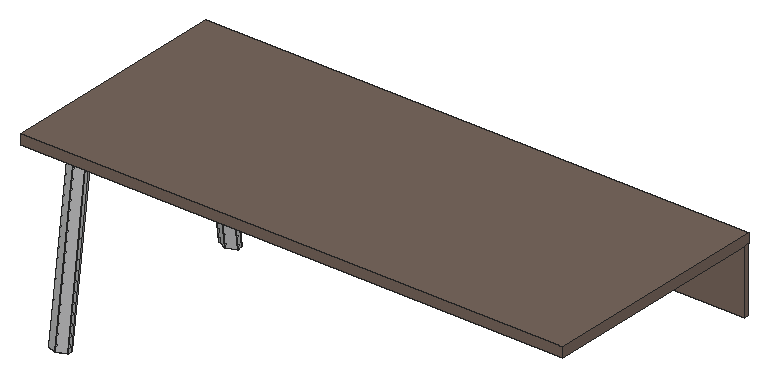
Revit family "Runoff-Teknion-CRHL_Runoff_Leg_Flush_to_Credenza-R2021", category Furniture, Revit 2021 (continued)
Dimensions and locks (in)
  aligned and locked: curve 64 to cut or joined group of Sweep 12, Sweep 13
  aligned and locked: curve 65 to cut or joined group of Sweep 12, Sweep 13
  aligned and locked: curve 66 to cut or joined group of Sweep 12, Sweep 13
  aligned and locked: curve 67 to cut or joined group of Sweep 12, Sweep 13
  aligned and locked: curve 68 to cut or joined group of Sweep 12, Sweep 13
  aligned and locked: curve 69 to cut or joined group of Sweep 6, Sweep 7
  aligned and locked: curve 71 to cut or joined group of Sweep 6, Sweep 7
  aligned and locked: curve 72 to cut or joined group of Sweep 6, Sweep 7
  aligned and locked: curve 160 to Sweep 9
  aligned and locked: curve 161 to Sweep 9
  aligned and locked: curve 162 to Sweep 9
  aligned and locked: curve 164 to Sweep 9
  aligned and locked: curve 163 to Sweep 9
  aligned and locked: Sweep 2 to curve 171
  aligned and locked: curve 170 to Sweep 9
  aligned and locked: curve 174 to Sweep 2
  aligned and locked: curve 173 to Sweep 9
  aligned and locked: curve 172 to Sweep 9
  aligned and locked: curve 19 to Sweep 2
  aligned and locked: curve 15 to Sweep 2
  aligned and locked: curve 21 to Sweep 2
  aligned and locked: curve 17 to Sweep 2
  aligned and locked: curve 16 to Sweep 2
  aligned and locked: curve 5 to Sweep 2
  aligned and locked: curve 6 to Sweep 2
  aligned and locked: Sweep 2 to curve 9
  aligned and locked: curve 8 to Sweep 2
  aligned and locked: curve 7 to Sweep 2
  aligned and locked: curve 77 to curve 99
  aligned and locked: curve 77 to cut or joined group of Sweep 3, Sweep 5
  aligned and locked: curve 95 to curve 76
  aligned and locked: curve 76 to cut or joined group of Sweep 3, Sweep 5
  aligned and locked: curve 73 to cut or joined group of Sweep 3, Sweep 5
  aligned and locked: curve 74 to cut or joined group of Sweep 3, Sweep 5
  aligned and locked: curve 107 to cut or joined group of Sweep 5, Sweep 10
  aligned and locked: curve 110 to cut or joined group of Sweep 5, Sweep 10
  aligned and locked: curve 79 to cut or joined group of Sweep 3, Sweep 5
  aligned and locked: curve 78 to cut or joined group of Sweep 3, Sweep 5
  aligned and locked: curve 104 to cut or joined group of Sweep 5, Sweep 10
  aligned and locked: curve 105 to cut or joined group of Sweep 5, Sweep 10
  aligned and locked: curve 83 to cut or joined group of Sweep 3, Sweep 5
  aligned and locked: curve 84 to cut or joined group of Sweep 3, Sweep 5
  aligned and locked: curve 97 to cut or joined group of Sweep 5, Sweep 10
  aligned and locked: curve 96 to cut or joined group of Sweep 5, Sweep 10
  aligned and locked: curve 85 to cut or joined group of Sweep 3, Sweep 5
  aligned and locked: curve 86 to cut or joined group of Sweep 3, Sweep 5
  aligned and locked: curve 93 to cut or joined group of Sweep 5, Sweep 10
  aligned and locked: curve 92 to cut or joined group of Sweep 5, Sweep 10
  aligned and locked: curve 150 to cut or joined group of Sweep 5, Sweep 11
  aligned and locked: curve 151 to cut or joined group of Sweep 5, Sweep 11
  aligned and locked: curve 118 to cut or joined group of Sweep 4, Sweep 5
  aligned and locked: curve 117 to cut or joined group of Sweep 4, Sweep 5
  aligned and locked: curve 148 to cut or joined group of Sweep 5, Sweep 11
  aligned and locked: curve 149 to cut or joined group of Sweep 5, Sweep 11
  aligned and locked: curve 122 to cut or joined group of Sweep 4, Sweep 5
  aligned and locked: curve 121 to cut or joined group of Sweep 4, Sweep 5
  aligned and locked: curve 139 to cut or joined group of Sweep 5, Sweep 11
  aligned and locked: curve 138 to cut or joined group of Sweep 5, Sweep 11
  aligned and locked: curve 128 to cut or joined group of Sweep 4, Sweep 5
  aligned and locked: curve 127 to cut or joined group of Sweep 4, Sweep 5
  aligned and locked: curve 136 to cut or joined group of Sweep 5, Sweep 11
  aligned and locked: curve 137 to cut or joined group of Sweep 5, Sweep 11
  aligned and locked: curve 130 to cut or joined group of Sweep 4, Sweep 5
  aligned and locked: curve 129 to cut or joined group of Sweep 4, Sweep 5
  aligned and locked: plane 4 "Left" to nested 1
  aligned and locked: nested 1 to plane 6 "Back"
  aligned and locked: nested 2 to plane 4 "Left"
  aligned and locked: nested 2 to plane 7 "Front"
  aligned and locked: plane 7 "Front" to nested 4
  aligned and locked: nested 4 to plane 5 "Right"
  aligned and locked: nested 5 to plane 6 "Back"
  aligned and locked: nested 5 to plane 5 "Right"
  aligned and locked: plane 1 "Center Front/Back" to nested 3
  aligned and locked: plane 3 "Center Left/Right" to nested 3
  aligned and locked: plane 3 "Center Left/Right" to nested 6
Automatic sketch dimensions
  Sweep 3 sketch curve to profile plane = 0.000"  (x2)
  Sweep 3 sketch curve to profile plane = 0.18462"
  Sweep 3 sketch curve to profile plane = 0.56731"  (x2)
  Sweep 3 sketch curve to Sweep 3 sketch curve = 0.09231"  (x4)
  Sweep 3 sketch curve to Sweep 3 sketch curve = 0.61667"  (x2)
  Sweep 3 sketch curve to Sweep 3 sketch curve = 0.475"
  Sweep 3 sketch curve to Sweep 3 sketch curve = 0.18462"
  Sweep 3 sketch curve to Sweep 3 sketch curve = 0.000"  (x2)
  Sweep 3 sketch curve to Sweep 3 sketch curve = 0.06154"  (x2)
  Sweep 3 sketch curve to Sweep 3 sketch curve = 0.03846"
  Sweep 4 sketch curve to profile plane = 0.000"  (x2)
  profile plane to Sweep 4 sketch curve = 0.18462"
  profile plane to Sweep 4 sketch curve = 0.56731"
  Sweep 4 sketch curve to Sweep 4 sketch curve = 0.09231"  (x3)
  profile plane to Sweep 4 sketch curve = 0.65962"
  Sweep 4 sketch curve to Sweep 4 sketch curve = 0.61667"  (x2)
  Sweep 4 sketch curve to Sweep 4 sketch curve = 0.475"
  Sweep 4 sketch curve to Sweep 4 sketch curve = 0.18462"
  Sweep 4 sketch curve to Sweep 4 sketch curve = 0.000"  (x2)
  Sweep 4 sketch curve to Sweep 4 sketch curve = 0.06154"  (x2)
  Sweep 4 sketch curve to Sweep 4 sketch curve = 1.36154"
  Sweep 4 sketch curve to Sweep 4 sketch curve = 0.07692"  (x2)
  Sweep 4 sketch curve to Sweep 4 sketch curve = 1.32308"
  Sweep 4 sketch curve to Sweep 4 sketch curve = 0.03846"  (x2)
  Sweep 10 sketch curve to profile plane = 0.000"  (x2)
  Sweep 10 sketch curve to profile plane = 0.18462"
  Sweep 10 sketch curve to profile plane = 0.56731"  (x2)
  Sweep 10 sketch curve to Sweep 10 sketch curve = 0.09231"  (x3)
  Sweep 10 sketch curve to Sweep 10 sketch curve = 0.61667"  (x2)
  Sweep 10 sketch curve to Sweep 10 sketch curve = 0.475"
  Sweep 10 sketch curve to Sweep 10 sketch curve = 0.18462"
  Sweep 10 sketch curve to Sweep 10 sketch curve = 0.000"  (x2)
  Sweep 10 sketch curve to Sweep 10 sketch curve = 0.06154"  (x2)
  Sweep 10 sketch curve to Sweep 10 sketch curve = 0.03846"  (x2)
  Sweep 11 sketch curve to profile plane = 0.000"  (x2)
  Sweep 11 sketch curve to profile plane = 0.18462"
  Sweep 11 sketch curve to profile plane = 0.56731"
  Sweep 11 sketch curve to Sweep 11 sketch curve = 0.09231"  (x3)
  Sweep 11 sketch curve to profile plane = 0.65962"
  Sweep 11 sketch curve to Sweep 11 sketch curve = 0.61667"  (x2)
  Sweep 11 sketch curve to Sweep 11 sketch curve = 0.475"
  Sweep 11 sketch curve to Sweep 11 sketch curve = 0.18462"
  Sweep 11 sketch curve to Sweep 11 sketch curve = 0.000"  (x2)
  Sweep 11 sketch curve to Sweep 11 sketch curve = 0.06154"  (x2)
  Sweep 11 sketch curve to Sweep 11 sketch curve = 0.03846"  (x2)
  Sweep 2 sketch curve to Sweep 2 sketch curve = 0.22956"  (x2)
  Sweep 2 sketch curve to Sweep 2 sketch curve = 0.375"  (x6)
  Sweep 2 sketch curve to Sweep 2 sketch curve = 0.14544"  (x4)
  Sweep 2 sketch curve to Sweep 2 sketch curve = 0.34565"  (x2)
  Sweep 5 sketch curve to plane 3 "Center Left/Right" = 0.000"
  Sweep 5 sketch curve to level = 0.730"
  Sweep 9 sketch curve to Sweep 9 sketch curve = 0.34565"  (x6)
  Sweep 9 sketch curve to Sweep 9 sketch curve = 0.375"  (x4)
  profile plane to SweptBlend 16 sketch curve = 0.000"  (x4)
  curve 161 to curve 16 = 0.22956"
  curve 164 to plane 7 "Front" = 1.96192"
  curve 171 to curve 7 = 0.22956"
  curve 172 to plane 6 "Back" = 1.96192"
  curve 171 to curve 177 = 0.375"
  curve 171 to curve 170 = 0.375"
  curve 6 to curve 5 = 0.375"
  curve 161 to curve 165 = 0.375"
  curve 14 to curve 14 = 0.14544"
  curve 164 to curve 20 = 0.14544"
  curve 161 to curve 160 = 0.375"
  curve 16 to curve 24 = 0.14544"
  curve 123 to curve 150 = 0.06009"
  curve 88 to curve 96 = 0.06009"
  curve 95 to curve 92 = 0.06009"
  curve 157 to curve 148 = 0.06009"
  curve 127 to plane 6 "Back" = 1.89455"
  curve 78 to plane 7 "Front" = 1.89455"
  curve 129 to plane 6 "Back" = 1.08661"
  curve 123 to curve 129 = 0.06009"
  curve 104 to plane 7 "Front" = 2.30448"
  curve 107 to plane 7 "Front" = 1.511"
  curve 89 to curve 83 = 0.06154"
  curve 88 to curve 85 = 0.06154"
  curve 73 to plane 7 "Front" = 1.08601"
  curve 123 to curve 117 = 0.06154"
  curve 136 to plane 6 "Back" = 1.511"
  curve 139 to plane 6 "Back" = 2.30448"
  curve 125 to curve 122 = 0.06154"
  curve 117 to curve 157 = 0.03795"
  curve 114 to curve 114 = 0.03899"
  curve 78 to curve 80 = 0.04092"
  curve 96 to curve 101 = 0.04092"
  curve 155 to curve 155 = 0.04092"
  curve 102 to curve 102 = 0.04092"
  curve 153 to curve 153 = 0.04092"
  curve 132 to curve 132 = 0.04092"
  curve 133 to curve 133 = 0.04092"
  curve 164 to plane 7 "Front" = 0.75223"
  curve 16 to curve 65 = 0.14544"
  curve 7 to curve 61 = 0.14544"
  curve 136 to plane 6 "Back" = 0.94921"
  curve 122 to plane 6 "Back" = 4.33668"
  curve 148 to plane 6 "Back" = 4.77276"
  curve 73 to plane 7 "Front" = 0.51312"
  curve 139 to plane 6 "Back" = 2.86627"
  curve 104 to plane 7 "Front" = 2.86627"
  curve 85 to curve 65 = 0.07693"
  curve 83 to plane 7 "Front" = 4.33668"
  curve 117 to curve 61 = 0.07693"
  curve 107 to plane 7 "Front" = 0.94921"
  curve 129 to plane 6 "Back" = 0.51312"
  curve 172 to curve 129 = 0.06851"
  curve 127 to plane 6 "Back" = 2.46805"
  curve 98 to curve 65 = 0.000"
  curve 13 to curve 152 = 0.14544"
  curve 81 to curve 69 = 0.000"
  curve 18 to curve 94 = 0.14544"
  curve 110 to plane 7 "Front" = 0.94921"
  curve 128 to plane 6 "Back" = 2.46805"
  curve 65 to curve 86 = 0.07692"
  curve 130 to plane 6 "Back" = 0.51312"
  curve 84 to plane 7 "Front" = 4.33668"
  curve 74 to plane 7 "Front" = 0.51312"
  curve 137 to plane 6 "Back" = 0.94921"
  curve 138 to plane 6 "Back" = 2.86627"
  curve 121 to plane 6 "Back" = 4.33668"
  curve 149 to plane 6 "Back" = 4.77276"
  curve 105 to plane 7 "Front" = 2.86627"
  curve 61 to curve 118 = 0.07692"
  curve 173 to plane 6 "Back" = 0.75223"
  curve 94 to curve 17 = 0.14544"
  curve 163 to plane 7 "Front" = 0.75223"
  curve 152 to curve 8 = 0.14544"
  curve 82 to curve 111 = 0.10101"
  curve 176 to curve 135 = 1.25355"
  curve 53 to curve 154 = 1.09899"
  curve 134 to curve 135 = 0.000"
  curve 103 to curve 99 = 0.10101"
  curve 100 to curve 91 = 0.10101"
  curve 115 to curve 115 = 0.10053"
  curve 154 to curve 158 = 0.00153"
  curve 138 to plane 6 "Back" = 2.30448"
  curve 86 to plane 7 "Front" = 5.69195"
  curve 74 to plane 7 "Front" = 1.08601"
  curve 110 to plane 7 "Front" = 1.511"
  curve 105 to plane 7 "Front" = 2.30448"
  curve 121 to plane 6 "Back" = 4.89846"
  curve 84 to plane 7 "Front" = 4.89846"
  curve 118 to plane 6 "Back" = 5.69195"
  curve 137 to plane 6 "Back" = 1.511"
  curve 149 to plane 6 "Back" = 5.34565"
  curve 79 to plane 7 "Front" = 1.89455"
  curve 93 to plane 7 "Front" = 6.15419"
  curve 97 to plane 7 "Front" = 5.34625"
  curve 151 to plane 6 "Back" = 6.15419"
  curve 130 to plane 6 "Back" = 1.08661"
  curve 128 to plane 6 "Back" = 1.89455"
  curve 158 to curve 120 = 0.09948"
  curve 170 to curve 174 = 0.375"
  curve 160 to curve 162 = 0.375"
  curve 5 to curve 9 = 0.375"
  curve 23 to curve 21 = 0.375"
  curve 175 to curve 174 = 0.375"
  curve 22 to curve 22 = 0.375"
  curve 167 to curve 167 = 0.375"
  curve 12 to curve 12 = 0.375"
  curve 163 to plane 7 "Front" = 1.96192"
  curve 17 to plane 7 "Front" = 5.27889"
  curve 8 to plane 6 "Back" = 5.27889"
  curve 173 to plane 6 "Back" = 1.96192"
  curve 69 to curve 166 = 0.00766"
  curve 74 to curve 115 = 0.09266"
  curve 114 to curve 114 = 0.09266"
  curve 80 to curve 78 = 0.09234"
  curve 82 to curve 79 = 0.09234"
  curve 69 to curve 81 = 0.39441"
  curve 116 to curve 116 = 0.18643"
  curve 98 to curve 65 = 0.39454"
  curve 100 to curve 100 = 0.09234"
  curve 96 to curve 101 = 0.09234"
  curve 77 to curve 91 = 0.09141"
  curve 76 to curve 88 = 0.09141"
  curve 103 to curve 93 = 0.09234"
  curve 102 to curve 102 = 0.09234"
  curve 18 to curve 65 = 0.00779"
  curve 18 to curve 94 = 0.05642"
  curve 152 to curve 13 = 0.05642"
  curve 61 to curve 13 = 0.00779"
  curve 154 to curve 154 = 0.09234"
  curve 153 to curve 153 = 0.09234"
  curve 158 to curve 120 = 0.09141"
  curve 157 to curve 123 = 0.09141"
  curve 155 to curve 155 = 0.09234"
  curve 156 to curve 148 = 0.18282"
  curve 128 to curve 159 = 0.18282"
  curve 134 to curve 134 = 0.09234"
  curve 133 to curve 133 = 0.09234"
  curve 132 to curve 132 = 0.09234"
  curve 135 to curve 130 = 0.09234"
  curve 176 to curve 57 = 0.00766"
  curve 147 to curve 153 = 0.10101"
  curve 147 to curve 153 = 0.00002"
  curve 95 to curve 102 = 0.00002"
  curve 101 to curve 101 = 0.101"
  curve 155 to curve 155 = 0.101"
  curve 80 to curve 80 = 0.101"
  curve 133 to curve 133 = 0.101"
  curve 123 to curve 132 = 0.00002"
  curve 141 to curve 141 = 0.03846"
  curve 122 to curve 125 = 0.03846"
  curve 107 to curve 108 = 0.03846"
  curve 104 to curve 113 = 0.03846"
  curve 140 to curve 140 = 0.03846"
  curve 88 to curve 88 = 0.03846"
  curve 83 to curve 89 = 0.03846"
  curve 87 to curve 87 = 0.200"
  curve 75 to curve 166 = 0.05456"
  curve 92 to curve 94 = 0.07692"
  curve 96 to plane 7 "Front" = 4.77276"
  curve 150 to curve 152 = 0.07692"
  curve 78 to plane 7 "Front" = 2.46805"
  curve 96 to curve 98 = 0.000"  (x2)
  curve 78 to curve 81 = 0.000"
  curve 150 to curve 152 = 0.000"  (x2)
  curve 92 to curve 94 = 0.000"
  curve 81 to curve 81 = 0.15385"
  curve 98 to curve 98 = 0.15385"
  curve 94 to curve 94 = 0.15385"
  curve 152 to curve 152 = 0.15385"
  curve 152 to curve 151 = 0.000"
  curve 97 to plane 7 "Front" = 4.77276"
  curve 94 to curve 93 = 0.000"  (x2)
  curve 79 to plane 7 "Front" = 2.46805"
  curve 119 to curve 119 = 0.200"
  curve 106 to curve 106 = 0.200"
  curve 173 to curve 131 = 0.05456"
  curve 124 to curve 124 = 0.200"
  curve 143 to curve 143 = 0.200"
  curve 142 to curve 142 = 0.200"
  curve 109 to curve 109 = 0.200"
  curve 90 to curve 84 = 0.13846"
  curve 91 to curve 91 = 0.13846"
  curve 112 to curve 112 = 0.03846"
  curve 145 to curve 145 = 0.03846"
  curve 126 to curve 126 = 0.03846"
  curve 144 to curve 138 = 0.03846"
  curve 111 to curve 111 = 0.03846"
  curve 180 to curve 180 = 0.03846"
  curve 134 to curve 134 = 0.101"
  curve 135 to curve 120 = 0.00002"
  curve 154 to curve 154 = 0.101"
  curve 100 to curve 100 = 0.101"
  curve 82 to curve 82 = 0.101"
  curve 103 to curve 99 = 0.00002"
  curve 146 to curve 145 = 0.000"  (x2)
  curve 75 to curve 166 = 0.05629"
  curve 166 to curve 109 = 0.03415"
  curve 107 to curve 108 = 0.09141"
  curve 111 to curve 111 = 0.09141"
  curve 95 to curve 108 = 0.000"
  curve 99 to curve 111 = 0.000"
  curve 112 to curve 105 = 0.09141"
  curve 113 to curve 113 = 0.09141"
  curve 81 to curve 78 = 0.000"
  curve 106 to curve 105 = 0.18282"
  curve 89 to curve 89 = 0.09141"
  curve 84 to curve 90 = 0.09141"
  curve 95 to curve 102 = 0.000"
  curve 99 to curve 103 = 0.000"
  curve 87 to curve 18 = 0.07201"
  curve 13 to curve 119 = 0.07201"
  curve 153 to curve 147 = 0.000"
  curve 154 to curve 146 = 0.000"
  curve 180 to curve 149 = 0.09141"
  curve 125 to curve 125 = 0.09141"
  curve 126 to curve 126 = 0.09141"
  curve 124 to curve 124 = 0.18282"
  curve 138 to curve 142 = 0.18282"
  curve 138 to curve 144 = 0.09141"
  curve 141 to curve 141 = 0.09141"
  curve 145 to curve 137 = 0.09141"
  curve 140 to curve 140 = 0.09141"
  curve 147 to curve 140 = 0.000"
  curve 120 to curve 135 = 0.000"
  curve 123 to curve 132 = 0.000"
  curve 143 to curve 176 = 0.03415"
  curve 173 to curve 131 = 0.05629"
  radius of Sweep 6 sketch curve = 0.12487"  (x2)
  radius of Sweep 7 sketch curve = 0.40037"  (x2)
  radius of Sweep 12 sketch curve = 0.12487"  (x2)
  radius of Sweep 13 sketch curve = 0.40037"  (x2)
  radius of Sweep 18 sketch curve = 0.197"
  radius of Sweep 19 sketch curve = 0.500"
Nested families (in)
  nested 1: "Teknion_2D_Node_Family-R2016" at (3708, -3732, 0), type "Teknion_2D_Node_Family-R2016"
  nested 2: "Teknion_2D_Node_Family-R2016" at (3708, -3768, 0), type "Teknion_2D_Node_Family-R2016"
  nested 3: "Teknion_2D_Node_Family-R2016" at (3750, -3750, 0), type "Teknion_2D_Node_Family-R2016"
  nested 4: "Teknion_2D_Node_Family-R2016" at (3792, -3768, 0), type "Teknion_2D_Node_Family-R2016"
  nested 5: "Teknion_2D_Node_Family-R2016" at (3792, -3732, 0), type "Teknion_2D_Node_Family-R2016"
  nested 6: "Teknion_2D_Node_Family-R2016" at (3750, -3735.875, 0), type "Teknion_2D_Node_Family-R2016"
Definition of nested family "Teknion_2D_Node_Family-R2016"
  Reference planes (in)
    plane 1 "Center (Front/Back)": y = 0
    plane 2: z = 0
    plane 3 "Center (Left/Right)": x = 0
  Lines and regions (in)
    detail lines, in view "Ref. Level"
      curve 1: circle (0, 0, 0) r 1.25 normal (0, 0, 1)
      curve 2: line (1.91508, -1.91508, 0) -> (-1.91508, 1.91508, 0)
      curve 3: line (-1.91508, -1.91508, 0) -> (1.91508, 1.91508, 0)
Types (10): name | Width | U-Leg | Top Finish | Post Leg | Modesty Position | Modesty Finish | Modesty | Model | Leg Finish | Leg Connection Finish | Description | Depth | Available Width | Available Depth | Angled Leg
  (no name) | 84.000" | no | Veneer-Teknion-UN-Natural_Veneer_V2-Walnut_On_Cherry | no | 0.000" | Veneer-Teknion-UN-Natural_Veneer_V2-Walnut_On_Cherry | yes | "CRHL__B_A" | Paint-Mica-Teknion-60-Satin_Platinum | Paint - Teknion - Foundation - 26 - Soft Gris | "Chronicle Runoff, Leg, Flush to Credenza, Partial Height Modesty, Flush Position, Angled Leg Style" | 36.000" | "60,66,72,78,84 inches" | "24,30,36 Inches" | yes
  Partial Height Modesty, Inset Position, U-Leg Style | 54.000" | yes | Wood - Teknion - DZ - Truffle | no | 4.000" | Wood - Teknion - DZ - Truffle | yes | "CRHL__A_U" | Wood - Teknion - DZ - Truffle | Paint - Teknion - Foundation - 26 - Soft Gris | "Chronicle Runoff, Leg, Flush to Credenza, Partial Height Modesty, Inset Position, U-Leg Style" | 30.000" | "54,60,66,72,78,84 inches" | "30,36 Inches" | no
  Partial Height Modesty, Flush Position, U-Leg Style | 84.000" | yes | Veneer-Teknion-UK-Natural_Veneer_V2-Medium_Dark_Cherry | no | 0.000" | Veneer-Teknion-UK-Natural_Veneer_V2-Medium_Dark_Cherry | yes | "CRHL__B_U" | Paint-Teknion-85-Y-Foundation-Clay | Paint-Teknion-20-T-Foundation-Atrium White | "Chronicle Runoff, Leg, Flush to Credenza, Partial Height Modesty, Flush Position, U-Leg Style" | 36.000" | "60,66,72,78,84 inches" | "24,30,36 Inches" | no
  Partial Height Modesty, Inset Position, Post Leg Style | 72.000" | no | Veneer - Teknion - MP - Natural Maple | yes | 4.000" | Veneer - Teknion - DV - Sierra | yes | "CRHL__A_P" | Veneer - Teknion - MP - Natural Maple | Paint - Teknion - 52 - Ebony | "Chronicle Runoff, Leg, Flush to Credenza, Partial Height Modesty, Inset Position, Post Leg Style" | 36.000" | "60,66,72,78,84 inches" | "30,36 Inches" | no
  Partial Height Modesty, Flush Position, Post Leg Style | 84.000" | no | Wood - Teknion - DZ - Truffle | yes | 0.000" | Wood - Teknion - DZ - Truffle | yes | "CRHL__B_P" | Paint - Teknion - 52 - Ebony | Paint - Teknion - 52 - Ebony | "Chronicle Runoff, Leg, Flush to Credenza, Partial Height Modesty, Flush Position, Post Leg Style" | 36.000" | "60,66,72,78,84 inches" | "24,30,36 Inches" | no
  Partial Height Modesty, Inset Position, Angled Leg Style | 84.000" | no | Veneer-Teknion-UM-Natural_Veneer_V2-Dark_Brown_Cherry | no | 4.000" | Veneer-Teknion-UM-Natural_Veneer_V2-Dark_Brown_Cherry | yes | "CRHL__A_A" | Paint-Teknion-20-T-Foundation-Atrium White | Paint-Mica-Teknion-60-Satin_Platinum | "Chronicle Runoff, Leg, Flush to Credenza, Partial Height Modesty, Inset Position, Angled Leg Style" | 36.000" | "60,66,72,78,84 inches" | "30,36 Inches" | yes
  Partial Height Modesty, Flush Position, Angled Leg Style | 84.000" | no | Veneer-Teknion-UN-Natural_Veneer_V2-Walnut_On_Cherry | no | 0.000" | Veneer-Teknion-UN-Natural_Veneer_V2-Walnut_On_Cherry | yes | "CRHL__B_A" | Paint-Mica-Teknion-60-Satin_Platinum | Paint - Teknion - Foundation - 26 - Soft Gris | "Chronicle Runoff, Leg, Flush to Credenza, Partial Height Modesty, Flush Position, Angled Leg Style" | 36.000" | "60,66,72,78,84 inches" | "24,30,36 Inches" | yes
  No Modesty, Angled Leg Style | 84.000" | no | Veneer - Teknion - MP - Natural Maple | no | 0.000" | Veneer - Teknion - DV - Sierra | no | "CRHL__N_A" | Veneer - Teknion - MP - Natural Maple | Wood - Teknion - DZ - Truffle | "Chronicle Runoff, Leg, Flush to Credenza, No Modesty, Angled Leg Style" | 36.000" | "60,66,72 inches" | "30,36 Inches" | yes
  No Modesty, U-Leg Style | 72.000" | yes | Veneer - Teknion - DV - Sierra | no | 0.000" | Paint-Teknion-85-Y-Foundation-Clay | no | "CRHL__N_U" | Veneer - Teknion - DV - Sierra | Paint-Mica-Teknion-60-Satin_Platinum | "Chronicle Runoff, Leg, Flush to Credenza, No Modesty, U-Leg Style" | 36.000" | "60,66,72 inches" | "30,36 Inches" | no
  No Modesty, Post Leg Style | 84.000" | no | Veneer - Teknion - MP - Natural Maple | yes | 0.000" | Veneer-Teknion-UM-Natural_Veneer_V2-Dark_Brown_Cherry | no | "CRHL__N_P" | Veneer - Teknion - MP - Natural Maple | Paint-Teknion-20-T-Foundation-Atrium White | "Chronicle Runoff, Leg, Flush to Credenza, No Modesty, Post Leg Style" | 36.000" | "60,66,72 inches" | "30,36 Inches" | no
